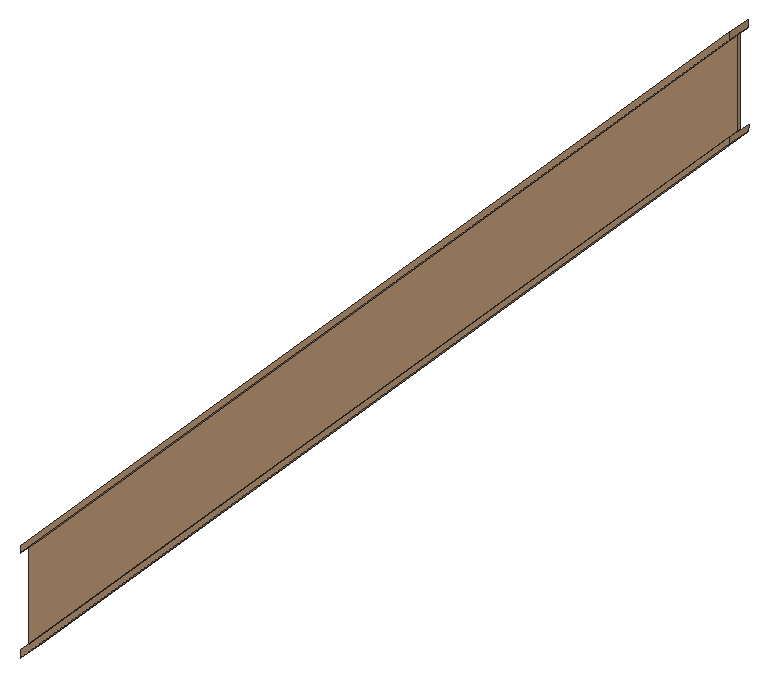
Revit family "EFIjoist", category Structural Framing, Revit 2020
Family settings
  Section Shape = Not Defined
  Material for Model Behavior = Other
  Always export as geometry = No
  OmniClass Number = 23.25.30.21.14
  OmniClass Title = Trussed Beams and Joists
  Work Plane-Based = No
  Always vertical = Yes
  Cut with Voids When Loaded = No
  Symbolic Representation = From Family
  Shared = No
  Show family pre-cut in plan views = Yes
Parameters
  Web_b = 15 mm
  Structural Material [instance] = Cherry
  Span [instance] = 3000 mm
  Slope [instance] = 45.00°
  d = 300 mm
  PL_d = 20 mm
  PL_b = 100 mm
Reference planes
  plane 1 "Center (Front/Back)": y = 0
  plane 2: z = 0
  plane 3 "Center (Left/Right)": x = 0
  plane 4: x = 1500
  plane 5: x = -1500
Forms (mm)
  Extrusion 1, solid, material "Cherry"
    sketch origin (0, 0, 0) x (1, 0, 0) y (0, 0, 1)
      loop
        line (-1500, -1500) -> (-1500, -1528.284) -> (1500, 1471.716) -> (1500, 1500) -> (-1500, -1500)
    from -50 to 50
  Extrusion 2, solid, material "Cherry"
    sketch origin (0, 0, 0) x (1, 0, 0) y (0, 0, 1)
      loop
        line (-1500, -1895.98) -> (-1500, -1924.264) -> (1500, 1075.736) -> (1500, 1104.02) -> (-1500, -1895.98)
    from -50 to 50
  Extrusion 3, solid, material "Cherry"
    sketch origin (0, 0, 0) x (1, 0, 0) y (0, 0, 1)
      loop
        line (1500, 1104.02) -> (1500, 1471.716) -> (-1500, -1528.284) -> (-1500, -1895.98) -> (1500, 1104.02)
    from -7.5 to 7.5
Lines and regions (mm)
  reference lines
    curve 1: line (0, 0, 0) -> (692.965, 0, 692.965)
    curve 2: line (331.298, 0, -92.966) -> (1398.675, 0, 974.411)
    curve 3: line (0, 7.5, 1265.697) -> (0, 7.5, -1134.303)
    curve 4: line (0, -7.5, 1265.697) -> (0, -7.5, -1134.303)
    curve 5: line (0, -50, 1265.697) -> (0, -50, -1134.303)
    curve 6: line (0, 50, 1265.697) -> (0, 50, -1134.303)
    curve 7: line (10.565, 0, -17.719) -> (419.792, 0, 391.508)
    curve 8: line (330.203, 0, -65.777) -> (1421.49, 0, 1025.51)
Dimensions and locks
  equal spacing: plane 5, plane 3 "Center (Left/Right)", plane 4
  "Span": plane 5 to plane 4
  "d": curve 1 to curve 2
  equal spacing: curve 3, plane 1 "Center (Front/Back)", curve 4
  "Web_b": curve 3 to curve 4
  equal spacing: curve 6, plane 1 "Center (Front/Back)", curve 5
  "PL_b": curve 6 to curve 5
  "PL_d": curve 7 to curve 1
  "PL_d": curve 2 to curve 8
  "Slope": angle curve 1 to level
  aligned and locked: plane 2 to level
  aligned and locked: Extrusion 1 sketch curve to curve 1
  aligned and locked: Extrusion 1 sketch curve to curve 7
  aligned and locked: plane 4 to Extrusion 1 sketch curve
  aligned and locked: Extrusion 1 sketch curve to plane 5
  aligned and locked: Extrusion 2 sketch curve to curve 8
  aligned and locked: Extrusion 2 sketch curve to curve 2
  aligned and locked: Extrusion 2 sketch curve to plane 4
  aligned and locked: Extrusion 2 sketch curve to plane 5
  aligned and locked: curve 6 to Extrusion 2
  aligned and locked: Extrusion 2 to curve 5
  aligned and locked: Extrusion 1 to curve 6
  aligned and locked: Extrusion 1 to curve 5
  aligned and locked: Extrusion 3 sketch curve to plane 4
  aligned and locked: Extrusion 3 sketch curve to plane 5
  aligned and locked: Extrusion 3 sketch curve to Extrusion 1
  aligned and locked: Extrusion 3 sketch curve to Extrusion 2
  aligned and locked: Extrusion 3 to curve 3
  aligned and locked: Extrusion 3 to curve 4
Automatic sketch dimensions
  curve 1 to level = 0 mm
  curve 1 to plane 3 "Center (Left/Right)" = 0 mm
  plane 3 "Center (Left/Right)" to curve 7 = 10.565 mm
  curve 2 to level = 92.966 mm
  curve 8 to level = 65.777 mm
  level to curve 7 = 391.508 mm
  plane 4 to curve 2 = 101.325 mm
  curve 2 to curve 8 = 22.814 mm
  curve 3 to level = 1134.303 mm
  curve 5 to curve 3 = 0 mm
  curve 4 to curve 3 = 0 mm  (x2)
  curve 3 to curve 6 = 0 mm
  level to curve 5 = 1265.697 mm
  curve 5 to curve 6 = 0 mm
  curve 5 to curve 4 = 0 mm
